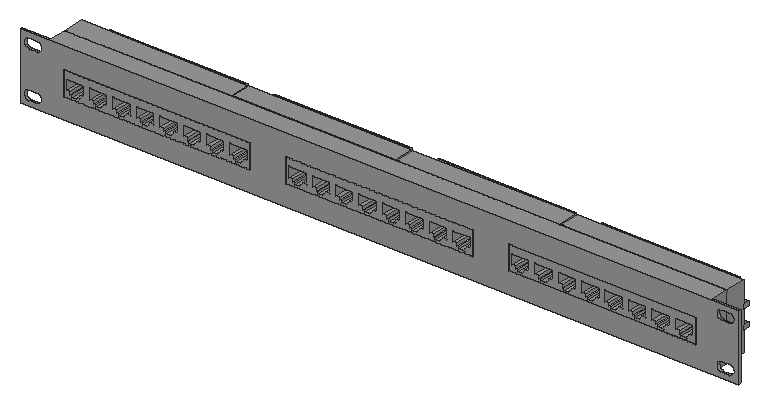
Revit family "ITK_Патч-панель 19-дюймовое крепление_1U_категория 5E UTP GENERICA_24 порта", category Обобщенные модели, Revit 2019
Family settings
  Может служить основой для арматурных стержней = Нет
  Размер круглого соединителя = Использовать диаметр
  Тип детали = Нормальный
  На основе рабочей плоскости = Нет
  Всегда вертикально = Да
  При загрузке вырезать с полостями = Нет
  Общий = Нет
  Точка расчета площади = Нет
Parameters (values of type "PP24-1UC5EU-K05-G")
  Ширина = 482.6 mm
  Материал = Окраска - RAL 9005
  Изготовитель = "ITK"  # constant formula
  Дата изменения = ""
  Глубина = 37.3 mm
  Высота = 44 mm
  URL = "https://www.iek.ru/"
  KSI_CPr_Строительные изделия = "27.12.31.61.1.04.09-1090"  # constant formula
  KSI_CMa_Строительные материалы = "10.03.02.06"  # constant formula
  IEK_Цена за единицу = 1908.66
  IEK_Поиск в таблице имен = ""
  IEK_Описание = "Патч-панели для монтажа в 19\" шкаф или стойку соответствуют стандарту 19\" (482,6 мм), имеют отверстия с левой и правой стороны для крепления на профиль, производятся высотой 1 или 2 юнита.\r\nНа передней стороне все патч-панели ITK имеют специальную площадку для дополнительной маркировки и цифровую нумерацию портов, на обратной стороне модули IDC имеют цветовую и цифровую нумерацию. Патч-панели соответствуют международным стандартам. Поставляются в картонной коробке с крепежом."
  IEK_URL = "https://generica.su/catalog/?page=detail&article=PP24-1UC5EU-K05-G"
  ADSK_Примечание = ""
  ADSK_Позиция [instance] = ""
  ADSK_Наименование = "Патч-панель 1U кат. 5Е UTP 24 порта (Krone) GENERICA"
  ADSK_Материал обозначение = ""
  ADSK_Материал наименование = "Металл и АБС-пластик"  # constant formula
  ADSK_Масса = 0
  ADSK_Марка = ""  # constant formula
  ADSK_Код изделия = "PP24-1UC5EU-K05-G"
  ADSK_Завод-изготовитель = "IEK"  # constant formula
  ADSK_Единица измерения = "шт"  # constant formula
  ADSK_Группирование = "I. ЩИТЫ И ПУЛЬТЫ"  # constant formula
  ADSK_Версия семейства = "1.0"  # constant formula
  ADSK_Версия Revit = "2019"  # constant formula
  ADSK_URL страницы изделия = "https://generica.su/catalog/?page=section&id=4935"
Reference planes
  plane 1 "По центру (Вперед/Назад)": y = 0
  plane 2: z = 0
  plane 3 "По центру (Влево/Вправо)": x = 0
Forms (mm)
  Extrusion 1, solid, material "Окраска - RAL 9005" <- "Материал", detail levels fine
    sketch origin (0, 0, 0) x (1, 0, 0) y (0, 1, 0)
      loop
        line (222, 1.5) -> (222, 27.5) -> (-222, 27.5) -> (-222, 1.5) -> (-241, 1.5) -> (-241, 0) -> (241, 0) -> (241, 1.5) -> (222, 1.5)
    from 44 to 0
  Extrusion 2, void
    sketch origin (0, 0, 0) x (1, 0, 0) y (0, 0, 1)
      loop
        line (-222, 44) -> (-222, 0) -> (222, 0) -> (222, 44) -> (-222, 44)
      loop
        line (221.8, 43.8) -> (110.25, 43.8) -> (0.25, 43.8) -> (-110.25, 43.8) -> (-221.8, 43.8) -> (-221.8, 0.2) -> (221.8, 0.2) -> (221.8, 43.8)
    from -13.5 to -13.7
  Extrusion 3, void
    sketch origin (0, 0, 0) x (1, 0, 0) y (0, 1, 0)
      loop
        line (-110.25, 31.5) -> (-110.25, 13.5) -> (-109.457, 13.5) -> (-109.457, 31.5) -> (-110.25, 31.5)
      loop
        line (-0.25, 31.5) -> (-0.25, 13.5) -> (0.543, 13.5) -> (0.543, 31.5) -> (-0.25, 31.5)
      loop
        line (109.75, 31.5) -> (109.75, 13.5) -> (110.543, 13.5) -> (110.543, 31.5) -> (109.75, 31.5)
    from 44 to 0
  Extrusion 4, solid, material "Окраска - RAL 9005" <- "Материал", detail levels fine
    sketch origin (0, 0, 0) x (0, 1, 0) y (0, 0, 1)
      loop
        line (35.5, 35) -> (37.5, 36.155) -> (37.5, 37.845) -> (35.5, 39) -> (31, 39) -> (31, 40) -> (29.5, 40) -> (28.5, 39) -> (27.5, 40) -> (27.5, 34) -> (28.5, 35) -> (29.5, 34) -> (31, 34) -> (31, 35) -> (35.5, 35)
      loop
        line (35.5, 5) -> (37.5, 6.155) -> (37.5, 7.845) -> (35.5, 9) -> (31, 9) -> (31, 10) -> (29.5, 10) -> (28.5, 9) -> (27.5, 10) -> (27.5, 4) -> (28.5, 5) -> (29.5, 4) -> (31, 4) -> (31, 5) -> (35.5, 5)
    from -118.225 to -209.525
  Extrusion 5, solid, material "Окраска - RAL 9005" <- "Материал", detail levels fine
    sketch origin (110, 0, 0) x (0, 1, 0) y (0, 0, 1)
      loop
        line (35.5, 35) -> (37.5, 36.155) -> (37.5, 37.845) -> (35.5, 39) -> (31, 39) -> (31, 40) -> (29.5, 40) -> (28.5, 39) -> (27.5, 40) -> (27.5, 34) -> (28.5, 35) -> (29.5, 34) -> (31, 34) -> (31, 35) -> (35.5, 35)
      loop
        line (35.5, 5) -> (37.5, 6.155) -> (37.5, 7.845) -> (35.5, 9) -> (31, 9) -> (31, 10) -> (29.5, 10) -> (28.5, 9) -> (27.5, 10) -> (27.5, 4) -> (28.5, 5) -> (29.5, 4) -> (31, 4) -> (31, 5) -> (35.5, 5)
    from -118.225 to -209.525
  Extrusion 6, solid, material "Окраска - RAL 9005" <- "Материал", detail levels fine
    sketch origin (220, 0, 0) x (0, 1, 0) y (0, 0, 1)
      loop
        line (35.5, 35) -> (37.5, 36.155) -> (37.5, 37.845) -> (35.5, 39) -> (31, 39) -> (31, 40) -> (29.5, 40) -> (28.5, 39) -> (27.5, 40) -> (27.5, 34) -> (28.5, 35) -> (29.5, 34) -> (31, 34) -> (31, 35) -> (35.5, 35)
      loop
        line (35.5, 5) -> (37.5, 6.155) -> (37.5, 7.845) -> (35.5, 9) -> (31, 9) -> (31, 10) -> (29.5, 10) -> (28.5, 9) -> (27.5, 10) -> (27.5, 4) -> (28.5, 5) -> (29.5, 4) -> (31, 4) -> (31, 5) -> (35.5, 5)
    from -118.225 to -209.525
  Extrusion 7, solid, material "Окраска - RAL 9005" <- "Материал", detail levels fine
    sketch origin (330, 0, 0) x (0, 1, 0) y (0, 0, 1)
      loop
        line (35.5, 35) -> (37.5, 36.155) -> (37.5, 37.845) -> (35.5, 39) -> (31, 39) -> (31, 40) -> (29.5, 40) -> (28.5, 39) -> (27.5, 40) -> (27.5, 34) -> (28.5, 35) -> (29.5, 34) -> (31, 34) -> (31, 35) -> (35.5, 35)
      loop
        line (35.5, 5) -> (37.5, 6.155) -> (37.5, 7.845) -> (35.5, 9) -> (31, 9) -> (31, 10) -> (29.5, 10) -> (28.5, 9) -> (27.5, 10) -> (27.5, 4) -> (28.5, 5) -> (29.5, 4) -> (31, 4) -> (31, 5) -> (35.5, 5)
    from -118.225 to -209.525
  Extrusion 8, solid, material "Окраска - RAL 9005" <- "Материал", detail levels fine
    sketch origin (0, 0, 0) x (0, 1, 0) y (0, 0, 1)
      loop
        line (27.5, 17.25) -> (27.5, 14.25) -> (31.5, 14.25) -> (31.5, 17.25) -> (27.5, 17.25)
      loop
        line (27.5, 26.75) -> (31.5, 26.75) -> (31.5, 29.75) -> (27.5, 29.75) -> (27.5, 26.75)
    from 9.25 to 0.543
  Extrusion 9, solid, material "Окраска - RAL 9005" <- "Материал", detail levels fine
    sketch origin (-9.5, 0, 0) x (0, 1, 0) y (0, 0, 1)
      loop
        line (27.5, 17.25) -> (27.5, 14.25) -> (31.5, 14.25) -> (31.5, 17.25) -> (27.5, 17.25)
      loop
        line (27.5, 26.75) -> (31.5, 26.75) -> (31.5, 29.75) -> (27.5, 29.75) -> (27.5, 26.75)
    from 9.25 to 0.543
  Extrusion 10, solid, material "Окраска - RAL 9005" <- "Материал", detail levels fine
    sketch origin (-110, 0, 0) x (0, 1, 0) y (0, 0, 1)
      loop
        line (27.5, 17.25) -> (27.5, 14.25) -> (31.5, 14.25) -> (31.5, 17.25) -> (27.5, 17.25)
      loop
        line (27.5, 26.75) -> (31.5, 26.75) -> (31.5, 29.75) -> (27.5, 29.75) -> (27.5, 26.75)
    from 9.25 to 0.543
  Extrusion 11, solid, material "Окраска - RAL 9005" <- "Материал", detail levels fine
    sketch origin (-119.5, 0, 0) x (0, 1, 0) y (0, 0, 1)
      loop
        line (27.5, 17.25) -> (27.5, 14.25) -> (31.5, 14.25) -> (31.5, 17.25) -> (27.5, 17.25)
      loop
        line (27.5, 26.75) -> (31.5, 26.75) -> (31.5, 29.75) -> (27.5, 29.75) -> (27.5, 26.75)
    from 9.25 to 0.543
  Extrusion 12, solid, material "Окраска - RAL 9005" <- "Материал", detail levels fine
    sketch origin (-222.25, 0, 0) x (0, 1, 0) y (0, 0, 1)
      loop
        line (27.5, 17.25) -> (27.5, 14.25) -> (31.5, 14.25) -> (31.5, 17.25) -> (27.5, 17.25)
      loop
        line (27.5, 26.75) -> (31.5, 26.75) -> (31.5, 29.75) -> (27.5, 29.75) -> (27.5, 26.75)
    from 9.25 to 0.543
  Extrusion 13, solid, material "Окраска - RAL 9005" <- "Материал", detail levels fine
    sketch origin (110, 0, 0) x (0, 1, 0) y (0, 0, 1)
      loop
        line (27.5, 17.25) -> (27.5, 14.25) -> (31.5, 14.25) -> (31.5, 17.25) -> (27.5, 17.25)
      loop
        line (27.5, 26.75) -> (31.5, 26.75) -> (31.5, 29.75) -> (27.5, 29.75) -> (27.5, 26.75)
    from 9.25 to 0.543
  Extrusion 14, solid, material "Окраска - RAL 9005" <- "Материал", detail levels fine
    sketch origin (100.5, 0, 0) x (0, 1, 0) y (0, 0, 1)
      loop
        line (27.5, 17.25) -> (27.5, 14.25) -> (31.5, 14.25) -> (31.5, 17.25) -> (27.5, 17.25)
      loop
        line (27.5, 26.75) -> (31.5, 26.75) -> (31.5, 29.75) -> (27.5, 29.75) -> (27.5, 26.75)
    from 9.25 to 0.543
  Extrusion 15, solid, material "Окраска - RAL 9005" <- "Материал", detail levels fine
    sketch origin (212.75, 0, 0) x (0, 1, 0) y (0, 0, 1)
      loop
        line (27.5, 17.25) -> (27.5, 14.25) -> (31.5, 14.25) -> (31.5, 17.25) -> (27.5, 17.25)
      loop
        line (27.5, 26.75) -> (31.5, 26.75) -> (31.5, 29.75) -> (27.5, 29.75) -> (27.5, 26.75)
    from 9.25 to 0.543
  Extrusion 16, void
    sketch origin (0, 0, 0) x (1, 0, 0) y (0, 0, 1)
      loop
        line (-86.8, 30.05) -> (-211.8, 30.05) -> (-211.8, 13.95) -> (-86.8, 13.95) -> (-86.8, 30.05)
      loop
        line (-212, 30.25) -> (-212, 13.75) -> (-86.6, 13.75) -> (-86.6, 30.25) -> (-212, 30.25)
      loop
        arc (-229.85, 34.15) -> (-227.481, 35.131) -> (-226.5, 37.5) r 3.35
        arc (-226.5, 37.5) -> (-227.481, 39.869) -> (-229.85, 40.85) r 3.35
        line (-229.85, 40.85) -> (-234.65, 40.85)
        arc (-234.65, 40.85) -> (-238, 37.5) -> (-234.65, 34.15) r 3.35
        line (-234.65, 34.15) -> (-229.85, 34.15)
      loop
        arc (-234.65, 9.85) -> (-238, 6.5) -> (-234.65, 3.15) r 3.35
        line (-234.65, 3.15) -> (-229.85, 3.15)
        arc (-229.85, 3.15) -> (-227.481, 4.131) -> (-226.5, 6.5) r 3.35
        arc (-226.5, 6.5) -> (-227.481, 8.869) -> (-229.85, 9.85) r 3.35
        line (-229.85, 9.85) -> (-234.65, 9.85)
      loop
        arc (234.65, 34.15) -> (237.019, 35.131) -> (238, 37.5) r 3.35
        arc (238, 37.5) -> (237.019, 39.869) -> (234.65, 40.85) r 3.35
        line (234.65, 40.85) -> (229.85, 40.85)
        arc (229.85, 40.85) -> (226.5, 37.5) -> (229.85, 34.15) r 3.35
        line (229.85, 34.15) -> (234.65, 34.15)
      loop
        arc (229.85, 9.85) -> (226.5, 6.5) -> (229.85, 3.15) r 3.35
        line (229.85, 3.15) -> (234.65, 3.15)
        arc (234.65, 3.15) -> (237.019, 4.131) -> (238, 6.5) r 3.35
        arc (238, 6.5) -> (237.019, 8.869) -> (234.65, 9.85) r 3.35
        line (234.65, 9.85) -> (229.85, 9.85)
      loop
        line (62.5, 30.05) -> (-62.5, 30.05) -> (-62.5, 13.95) -> (62.5, 13.95) -> (62.5, 30.05)
      loop
        line (-62.7, 30.25) -> (-62.7, 13.75) -> (62.7, 13.75) -> (62.7, 30.25) -> (-62.7, 30.25)
      loop
        line (86.8, 30.05) -> (86.8, 13.95) -> (211.8, 13.95) -> (211.8, 30.05) -> (86.8, 30.05)
      loop
        line (212, 30.25) -> (86.6, 30.25) -> (86.6, 13.75) -> (212, 13.75) -> (212, 30.25)
    from -2 to 0
  Extrusion 17, void
    sketch origin (0, 0, 0) x (1, 0, 0) y (0, 0, 1)
      loop
        line (-198.4, 18.25) -> (-198.4, 25.05) -> (-210.1, 25.05) -> (-210.1, 18.25) -> (-207.5, 18.25) -> (-207.5, 16.55) -> (-206.25, 16.55) -> (-206.25, 15.25) -> (-202.25, 15.25) -> (-202.25, 16.55) -> (-201, 16.55) -> (-201, 18.25) -> (-198.4, 18.25)
      loop
        line (-182.7, 25.05) -> (-194.4, 25.05) -> (-194.4, 18.25) -> (-191.8, 18.25) -> (-191.8, 16.55) -> (-190.55, 16.55) -> (-190.55, 15.25) -> (-186.55, 15.25) -> (-186.55, 16.55) -> (-185.3, 16.55) -> (-185.3, 18.25) -> (-182.7, 18.25) -> (-182.7, 25.05)
      loop
        line (-167, 25.05) -> (-178.7, 25.05) -> (-178.7, 18.25) -> (-176.1, 18.25) -> (-176.1, 16.55) -> (-174.85, 16.55) -> (-174.85, 15.25) -> (-170.85, 15.25) -> (-170.85, 16.55) -> (-169.6, 16.55) -> (-169.6, 18.25) -> (-167, 18.25) -> (-167, 25.05)
      loop
        line (-151.3, 25.05) -> (-163, 25.05) -> (-163, 18.25) -> (-160.4, 18.25) -> (-160.4, 16.55) -> (-159.15, 16.55) -> (-159.15, 15.25) -> (-155.15, 15.25) -> (-155.15, 16.55) -> (-153.9, 16.55) -> (-153.9, 18.25) -> (-151.3, 18.25) -> (-151.3, 25.05)
      loop
        line (-135.6, 25.05) -> (-147.3, 25.05) -> (-147.3, 18.25) -> (-144.7, 18.25) -> (-144.7, 16.55) -> (-143.45, 16.55) -> (-143.45, 15.25) -> (-139.45, 15.25) -> (-139.45, 16.55) -> (-138.2, 16.55) -> (-138.2, 18.25) -> (-135.6, 18.25) -> (-135.6, 25.05)
      loop
        line (-131.6, 25.05) -> (-131.6, 18.25) -> (-129, 18.25) -> (-129, 16.55) -> (-127.75, 16.55) -> (-127.75, 15.25) -> (-123.75, 15.25) -> (-123.75, 16.55) -> (-122.5, 16.55) -> (-122.5, 18.25) -> (-119.9, 18.25) -> (-119.9, 25.05) -> (-131.6, 25.05)
      loop
        line (-104.2, 25.05) -> (-115.9, 25.05) -> (-115.9, 18.25) -> (-113.3, 18.25) -> (-113.3, 16.55) -> (-112.05, 16.55) -> (-112.05, 15.25) -> (-108.05, 15.25) -> (-108.05, 16.55) -> (-106.8, 16.55) -> (-106.8, 18.25) -> (-104.2, 18.25) -> (-104.2, 25.05)
      loop
        line (-100.2, 25.05) -> (-100.2, 18.25) -> (-97.6, 18.25) -> (-97.6, 16.55) -> (-96.35, 16.55) -> (-96.35, 15.25) -> (-92.35, 15.25) -> (-92.35, 16.55) -> (-91.1, 16.55) -> (-91.1, 18.25) -> (-88.5, 18.25) -> (-88.5, 25.05) -> (-100.2, 25.05)
      loop
        line (-49.1, 18.25) -> (-49.1, 25.05) -> (-60.8, 25.05) -> (-60.8, 18.25) -> (-58.2, 18.25) -> (-58.2, 16.55) -> (-56.95, 16.55) -> (-56.95, 15.25) -> (-52.95, 15.25) -> (-52.95, 16.55) -> (-51.7, 16.55) -> (-51.7, 18.25) -> (-49.1, 18.25)
      loop
        line (-33.4, 25.05) -> (-45.1, 25.05) -> (-45.1, 18.25) -> (-42.5, 18.25) -> (-42.5, 16.55) -> (-41.25, 16.55) -> (-41.25, 15.25) -> (-37.25, 15.25) -> (-37.25, 16.55) -> (-36, 16.55) -> (-36, 18.25) -> (-33.4, 18.25) -> (-33.4, 25.05)
      loop
        line (-17.7, 25.05) -> (-29.4, 25.05) -> (-29.4, 18.25) -> (-26.8, 18.25) -> (-26.8, 16.55) -> (-25.55, 16.55) -> (-25.55, 15.25) -> (-21.55, 15.25) -> (-21.55, 16.55) -> (-20.3, 16.55) -> (-20.3, 18.25) -> (-17.7, 18.25) -> (-17.7, 25.05)
      loop
        line (-2, 25.05) -> (-13.7, 25.05) -> (-13.7, 18.25) -> (-11.1, 18.25) -> (-11.1, 16.55) -> (-9.85, 16.55) -> (-9.85, 15.25) -> (-5.85, 15.25) -> (-5.85, 16.55) -> (-4.6, 16.55) -> (-4.6, 18.25) -> (-2, 18.25) -> (-2, 25.05)
      loop
        line (13.7, 25.05) -> (2, 25.05) -> (2, 18.25) -> (4.6, 18.25) -> (4.6, 16.55) -> (5.85, 16.55) -> (5.85, 15.25) -> (9.85, 15.25) -> (9.85, 16.55) -> (11.1, 16.55) -> (11.1, 18.25) -> (13.7, 18.25) -> (13.7, 25.05)
      loop
        line (17.7, 25.05) -> (17.7, 18.25) -> (20.3, 18.25) -> (20.3, 16.55) -> (21.55, 16.55) -> (21.55, 15.25) -> (25.55, 15.25) -> (25.55, 16.55) -> (26.8, 16.55) -> (26.8, 18.25) -> (29.4, 18.25) -> (29.4, 25.05) -> (17.7, 25.05)
      loop
        line (45.1, 25.05) -> (33.4, 25.05) -> (33.4, 18.25) -> (36, 18.25) -> (36, 16.55) -> (37.25, 16.55) -> (37.25, 15.25) -> (41.25, 15.25) -> (41.25, 16.55) -> (42.5, 16.55) -> (42.5, 18.25) -> (45.1, 18.25) -> (45.1, 25.05)
      loop
        line (49.1, 25.05) -> (49.1, 18.25) -> (51.7, 18.25) -> (51.7, 16.55) -> (52.95, 16.55) -> (52.95, 15.25) -> (56.95, 15.25) -> (56.95, 16.55) -> (58.2, 16.55) -> (58.2, 18.25) -> (60.8, 18.25) -> (60.8, 25.05) -> (49.1, 25.05)
      loop
        line (198.4, 18.25) -> (201, 18.25) -> (201, 16.55) -> (202.25, 16.55) -> (202.25, 15.25) -> (206.25, 15.25) -> (206.25, 16.55) -> (207.5, 16.55) -> (207.5, 18.25) -> (210.1, 18.25) -> (210.1, 25.05) -> (198.4, 25.05) -> (198.4, 18.25)
      loop
        line (182.7, 25.05) -> (182.7, 18.25) -> (185.3, 18.25) -> (185.3, 16.55) -> (186.55, 16.55) -> (186.55, 15.25) -> (190.55, 15.25) -> (190.55, 16.55) -> (191.8, 16.55) -> (191.8, 18.25) -> (194.4, 18.25) -> (194.4, 25.05) -> (182.7, 25.05)
      loop
        line (167, 25.05) -> (167, 18.25) -> (169.6, 18.25) -> (169.6, 16.55) -> (170.85, 16.55) -> (170.85, 15.25) -> (174.85, 15.25) -> (174.85, 16.55) -> (176.1, 16.55) -> (176.1, 18.25) -> (178.7, 18.25) -> (178.7, 25.05) -> (167, 25.05)
      loop
        line (151.3, 25.05) -> (151.3, 18.25) -> (153.9, 18.25) -> (153.9, 16.55) -> (155.15, 16.55) -> (155.15, 15.25) -> (159.15, 15.25) -> (159.15, 16.55) -> (160.4, 16.55) -> (160.4, 18.25) -> (163, 18.25) -> (163, 25.05) -> (151.3, 25.05)
      loop
        line (135.6, 25.05) -> (135.6, 18.25) -> (138.2, 18.25) -> (138.2, 16.55) -> (139.45, 16.55) -> (139.45, 15.25) -> (143.45, 15.25) -> (143.45, 16.55) -> (144.7, 16.55) -> (144.7, 18.25) -> (147.3, 18.25) -> (147.3, 25.05) -> (135.6, 25.05)
      loop
        line (131.6, 25.05) -> (119.9, 25.05) -> (119.9, 18.25) -> (122.5, 18.25) -> (122.5, 16.55) -> (123.75, 16.55) -> (123.75, 15.25) -> (127.75, 15.25) -> (127.75, 16.55) -> (129, 16.55) -> (129, 18.25) -> (131.6, 18.25) -> (131.6, 25.05)
      loop
        line (104.2, 25.05) -> (104.2, 18.25) -> (106.8, 18.25) -> (106.8, 16.55) -> (108.05, 16.55) -> (108.05, 15.25) -> (112.05, 15.25) -> (112.05, 16.55) -> (113.3, 16.55) -> (113.3, 18.25) -> (115.9, 18.25) -> (115.9, 25.05) -> (104.2, 25.05)
      loop
        line (100.2, 25.05) -> (88.5, 25.05) -> (88.5, 18.25) -> (91.1, 18.25) -> (91.1, 16.55) -> (92.35, 16.55) -> (92.35, 15.25) -> (96.35, 15.25) -> (96.35, 16.55) -> (97.6, 16.55) -> (97.6, 18.25) -> (100.2, 18.25) -> (100.2, 25.05)
    from -20 to 0
  Extrusion 18, solid, detail levels coarse+medium
    sketch origin (0, 0, 0) x (1, 0, 0) y (0, 1, 0)
      loop
        line (-241, 0) -> (241, 0) -> (241, 37.5) -> (-241, 37.5) -> (-241, 0)
    from 44 <- "Высота" to 0
Cuts and joins
  Extrusion 2, Extrusion 3, Extrusion 16, Extrusion 17 cuts Extrusion 1
Dimensions and locks
  aligned and locked: level to plane 2
